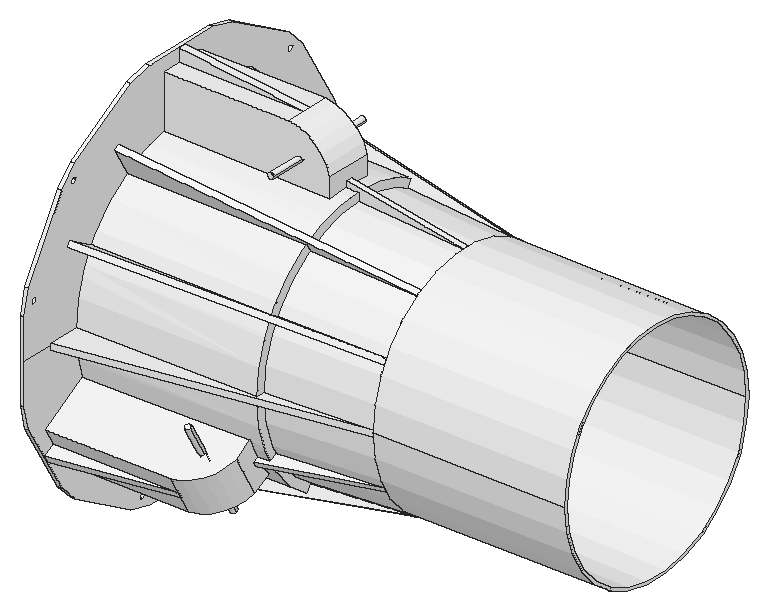
Revit family "H100S-RR", category Pipe Accessories, Revit 2016
Family settings
  Part Type = Breaks Into
  Round Connector Dimension = Use Diameter
  Work Plane-Based = No
  Always vertical = No
  Cut with Voids When Loaded = No
  Shared = No
Parameters
  URL = "http://www.snapcollars.com"
  Model = "H100S-RR"
  Manufacturer = "Snap Fire Systems"
  Description = "The H100S-RR is a high-top, cast-in fire collar for concrete slabs 150mm and thicker."
  Cut Depth Offset [instance] = Cut Depth + 1 mm  # 1 mm
  Cut Depth [instance] = 0 mm
Reference planes
  plane 1 "Center (Front/Back)": y = 0
  plane 2: z = 0
  plane 3 "Center (Left/Right)": x = 21
  plane 4: x = -230
  plane 5: x = -80
  plane 6: y = 90.593
  plane 7: y = -50
  plane 8: y = 100.593
  plane 9: y = -60
  plane 10: x = -99.679
  plane 11: x = -79.975
Forms (mm)
  Revolve 1, solid, material "PVC-White", detail levels medium+fine
    sketch origin (0, 0, 0) x (1, 0, 0) y (0, 1, 0)
      loop
        line (-227.967, -69.144) -> (-134.479, -68.001) -> (-134.479, -63.623) -> (-79.996, -60.419) -> (21, -59.891) -> (21, -58.577) -> (-141.666, -55.896) -> (-141.666, -63.997) -> (-230, -65.169) -> (-230, -105) -> (-227.967, -105) -> (-227.967, -69.144)
      axis (-230, 0) -> (21, 0)
    angle from 0 to 360
  Extrusion 2, void
    sketch origin (-227.967, 0, 0) x (0, 1, 0) y (0, 0, -1)
      loop
        line (-27.564, -102.871) -> (27.564, -102.871) -> (75.307, -75.307) -> (102.871, -27.564) -> (102.871, 27.564) -> (75.307, 75.307) -> (27.564, 102.871) -> (-27.564, 102.871) -> (-75.307, 75.307) -> (-102.871, 27.564) -> (-102.871, -27.564) -> (-75.307, -75.307) -> (-27.564, -102.871)
      loop
        circle (0, 0) r 118.785
    from 0 to 2.033
  Extrusion 3, void
    sketch origin (-227.967, 0, 0) x (0, 1, 0) y (0, 0, -1)
      loop
        circle (-70.697, -70.697) r 1.577
      loop
        circle (-96.574, -25.877) r 1.577
      loop
        circle (96.571, -25.888) r 1.577
      loop
        circle (70.689, -70.705) r 1.577
      loop
        circle (-25.877, 96.574) r 1.577
      loop
        circle (25.877, 96.574) r 1.577
    from 0 to 2.033
  Extrusion 4, solid, material "PVC-White", detail levels fine
    sketch origin (0, 0, 0) x (1, 0, 0) y (0, 0, 1)
      loop
        line (-80, 60.418) -> (-227.967, 86.048) -> (-227.967, 69.12) -> (-80, 60.418)
    from -1.5 to 1.5
  Extrusion 5, solid, material "PVC-White", detail levels fine
    sketch origin (0, 0, 0) x (1, 0, 0) y (0, -0.5, 0.866025)
      loop
        line (-80, 60.418) -> (-227.967, 86.048) -> (-227.967, 69.12) -> (-80, 60.418)
    from -1.5 to 1.5
  Extrusion 6, solid, material "PVC-White", detail levels fine
    sketch origin (0, 0, 0) x (1, 0, 0) y (0, -0.866025, 0.5)
      loop
        line (-80, 60.418) -> (-227.967, 86.048) -> (-227.967, 69.12) -> (-80, 60.418)
    from -1.5 to 1.5
  Extrusion 7, solid, material "PVC-White", detail levels fine
    sketch origin (0, 0, 0) x (0, -1, 0) y (-1, 0, 0)
      loop
        line (60.418, 80) -> (86.048, 227.967) -> (69.12, 227.967) -> (60.418, 80)
    from -1.5 to 1.5
  Extrusion 8, solid, material "PVC-White", detail levels fine
    sketch origin (0, 0, 0) x (1, 0, 0) y (0, -0.866025, -0.5)
      loop
        line (-80, 60.418) -> (-227.967, 86.048) -> (-227.967, 69.12) -> (-80, 60.418)
    from -1.5 to 1.5
  Extrusion 9, solid, material "PVC-White", detail levels fine
    sketch origin (0, 0, 0) x (1, 0, 0) y (0, -0.5, -0.866025)
      loop
        line (-80, 60.418) -> (-227.967, 86.048) -> (-227.967, 69.12) -> (-80, 60.418)
    from -1.5 to 1.5
  Extrusion 10, solid, material "PVC-White", detail levels fine
    sketch origin (0, 0, 0) x (1, 0, 0) y (0, 0, -1)
      loop
        line (-80, 60.418) -> (-227.967, 86.048) -> (-227.967, 69.12) -> (-80, 60.418)
    from -1.5 to 1.5
  Extrusion 11, solid, material "PVC-White", detail levels fine
    sketch origin (0, 0, 0) x (1, 0, 0) y (0, 0.5, -0.866025)
      loop
        line (-80, 60.418) -> (-227.967, 86.048) -> (-227.967, 69.12) -> (-80, 60.418)
    from -1.5 to 1.5
  Extrusion 12, solid, material "PVC-White", detail levels fine
    sketch origin (0, 0, 0) x (1, 0, 0) y (0, 0.866025, -0.5)
      loop
        line (-80, 60.418) -> (-227.967, 86.048) -> (-227.967, 69.12) -> (-80, 60.418)
    from -1.5 to 1.5
  Extrusion 13, solid, material "PVC-White", detail levels fine
    sketch origin (0, 0, 0) x (1, 0, 0) y (0, 1, 0)
      loop
        line (-80, 60.418) -> (-227.967, 86.048) -> (-227.967, 69.12) -> (-80, 60.418)
    from -1.5 to 1.5
  Extrusion 14, solid, material "PVC-White", detail levels fine
    sketch origin (0, 0, 0) x (1, 0, 0) y (0, 0.866025, 0.5)
      loop
        line (-80, 60.418) -> (-227.967, 86.048) -> (-227.967, 69.12) -> (-80, 60.418)
    from -1.5 to 1.5
  Extrusion 15, solid, material "PVC-White", detail levels fine
    sketch origin (0, 0, 0) x (1, 0, 0) y (0, 0.5, 0.866025)
      loop
        line (-80, 60.418) -> (-227.967, 86.048) -> (-227.967, 69.12) -> (-80, 60.418)
    from -1.5 to 1.5
  Extrusion 16, solid, material "PVC-White", detail levels medium+fine
    sketch origin (0, 0, 0) x (1, 0, 0) y (0, 0, 1)
      loop
        line (-227.967, 58.439) -> (-140.967, 58.439) -> (-140.967, 77.244)
        arc (-140.967, 77.244) -> (-148.679, 90.01) -> (-162.316, 96.048) r 24.811
        line (-162.316, 96.048) -> (-227.967, 96.048) -> (-227.967, 58.439)
    from -12 to 12
  Extrusion 17, solid, material "PVC-White", detail levels medium+fine
    sketch origin (0, 0, 0) x (1, 0, 0) y (0, -0.866025, -0.5)
      loop
        line (-227.967, 58.439) -> (-140.967, 58.439) -> (-140.967, 77.244)
        arc (-140.967, 77.244) -> (-148.679, 90.01) -> (-162.316, 96.048) r 24.811
        line (-162.316, 96.048) -> (-227.967, 96.048) -> (-227.967, 58.439)
    from -12 to 12
  Extrusion 18, solid, material "PVC-White", detail levels medium+fine
    sketch origin (0, 0, 0) x (1, 0, 0) y (0, 0.866025, -0.5)
      loop
        line (-227.967, 58.439) -> (-140.967, 58.439) -> (-140.967, 77.244)
        arc (-140.967, 77.244) -> (-148.679, 90.01) -> (-162.316, 96.048) r 24.811
        line (-162.316, 96.048) -> (-227.967, 96.048) -> (-227.967, 58.439)
    from -12 to 12
  Extrusion 19, solid, material "PVC-White", detail levels fine
    sketch origin (0, 0, 0) x (1, 0, 0) y (0, 0, 1)
      loop
        line (-227.967, 102.871) -> (-227.967, 96.048) -> (-162.316, 96.048) -> (-227.967, 102.871)
    from -2 to 2
  Extrusion 20, solid, material "PVC-White", detail levels fine
    sketch origin (0, 0, 0) x (1, 0, 0) y (0, 0.866025, -0.5)
      loop
        line (-227.967, 102.871) -> (-227.967, 96.048) -> (-162.316, 96.048) -> (-227.967, 102.871)
    from -2 to 2
  Extrusion 21, solid, material "PVC-White", detail levels fine
    sketch origin (0, 0, 0) x (1, 0, 0) y (0, -0.866025, -0.5)
      loop
        line (-227.967, 102.871) -> (-227.967, 96.048) -> (-162.316, 96.048) -> (-227.967, 102.871)
    from -2 to 2
  Extrusion 22, solid, material "PVC-White", not visible, detail levels fine
    sketch origin (0, 0, 0) x (1, 0, 0) y (0, 0, 1)
      loop
        line (-80, 60.418) -> (-227.967, 86.048) -> (-227.967, 69.12) -> (-80, 60.418)
    from -1.5 to 1.5
  Extrusion 23, solid, material "PVC-White", not visible, detail levels fine
    sketch origin (0, 0, 0) x (1, 0, 0) y (0, -0.5, 0.866025)
      loop
        line (-80, 60.418) -> (-227.967, 86.048) -> (-227.967, 69.12) -> (-80, 60.418)
    from -1.5 to 1.5
  Extrusion 24, solid, material "PVC-White", not visible, detail levels fine
    sketch origin (0, 0, 0) x (1, 0, 0) y (0, -0.866025, 0.5)
      loop
        line (-80, 60.418) -> (-227.967, 86.048) -> (-227.967, 69.12) -> (-80, 60.418)
    from -1.5 to 1.5
  Extrusion 25, solid, material "PVC-White", not visible, detail levels fine
    sketch origin (0, 0, 0) x (0, -1, 0) y (-1, 0, 0)
      loop
        line (60.418, 80) -> (86.048, 227.967) -> (69.12, 227.967) -> (60.418, 80)
    from -1.5 to 1.5
  Extrusion 26, solid, material "PVC-White", not visible, detail levels fine
    sketch origin (0, 0, 0) x (1, 0, 0) y (0, -0.866025, -0.5)
      loop
        line (-80, 60.418) -> (-227.967, 86.048) -> (-227.967, 69.12) -> (-80, 60.418)
    from -1.5 to 1.5
  Extrusion 27, solid, material "PVC-White", not visible, detail levels fine
    sketch origin (0, 0, 0) x (1, 0, 0) y (0, -0.5, -0.866025)
      loop
        line (-80, 60.418) -> (-227.967, 86.048) -> (-227.967, 69.12) -> (-80, 60.418)
    from -1.5 to 1.5
  Extrusion 28, solid, material "PVC-White", not visible, detail levels fine
    sketch origin (0, 0, 0) x (1, 0, 0) y (0, 0, -1)
      loop
        line (-80, 60.418) -> (-227.967, 86.048) -> (-227.967, 69.12) -> (-80, 60.418)
    from -1.5 to 1.5
  Extrusion 29, solid, material "PVC-White", not visible, detail levels fine
    sketch origin (0, 0, 0) x (1, 0, 0) y (0, 0.5, -0.866025)
      loop
        line (-80, 60.418) -> (-227.967, 86.048) -> (-227.967, 69.12) -> (-80, 60.418)
    from -1.5 to 1.5
  Extrusion 30, solid, material "PVC-White", not visible, detail levels fine
    sketch origin (0, 0, 0) x (1, 0, 0) y (0, 0.866025, -0.5)
      loop
        line (-80, 60.418) -> (-227.967, 86.048) -> (-227.967, 69.12) -> (-80, 60.418)
    from -1.5 to 1.5
  Extrusion 31, solid, material "PVC-White", not visible, detail levels fine
    sketch origin (0, 0, 0) x (1, 0, 0) y (0, 1, 0)
      loop
        line (-80, 60.418) -> (-227.967, 86.048) -> (-227.967, 69.12) -> (-80, 60.418)
    from -1.5 to 1.5
  Extrusion 32, solid, material "PVC-White", not visible, detail levels fine
    sketch origin (0, 0, 0) x (1, 0, 0) y (0, 0.866025, 0.5)
      loop
        line (-80, 60.418) -> (-227.967, 86.048) -> (-227.967, 69.12) -> (-80, 60.418)
    from -1.5 to 1.5
  Extrusion 33, solid, material "PVC-White", not visible, detail levels fine
    sketch origin (0, 0, 0) x (1, 0, 0) y (0, 0.5, 0.866025)
      loop
        line (-80, 60.418) -> (-227.967, 86.048) -> (-227.967, 69.12) -> (-80, 60.418)
    from -1.5 to 1.5
  Extrusion 34, solid, material "PVC-White", detail levels fine
    sketch origin (0, 0, 0) x (1, 0, 0) y (0, 0, 1)
      loop
        circle (-157.362, 79.878) r 1.5
    from -30 to 30
  Extrusion 35, solid, material "PVC-White", detail levels fine
    sketch origin (0, 0, 0) x (1, 0, 0) y (0, 0.866025, -0.5)
      loop
        circle (-157.362, 79.878) r 1.5
    from -30 to 30
  Extrusion 36, solid, material "PVC-White", detail levels fine
    sketch origin (0, 0, 0) x (1, 0, 0) y (0, -0.866025, -0.5)
      loop
        circle (-157.362, 79.878) r 1.5
    from -30 to 30
  Extrusion 37, void
    sketch origin (21, 0, 0) x (0, 1, 0) y (0, 0, -1)
      loop
        circle (0, 0) r 70
    from 0 to 1 <- "Cut Depth Offset"
Cuts and joins
  Extrusion 2, Extrusion 3, Extrusion 37 cuts Revolve 1
  joined: Revolve 1, Extrusion 16, Extrusion 17, Extrusion 18
Dimensions and locks
  plane 4 to plane 3 "Center (Left/Right)" = 251 mm
  Extrusion 4 sketch curve to Extrusion 4 sketch curve = 0 mm
  Extrusion 5 sketch curve to Extrusion 5 sketch curve = 0 mm
  Extrusion 6 sketch curve to Extrusion 6 sketch curve = 0 mm
  Extrusion 7 sketch curve to Extrusion 7 sketch curve = 0 mm
  Extrusion 8 sketch curve to Extrusion 8 sketch curve = 0 mm
  Extrusion 9 sketch curve to Extrusion 9 sketch curve = 0 mm
  Extrusion 10 sketch curve to Extrusion 10 sketch curve = 0 mm
  Extrusion 11 sketch curve to Extrusion 11 sketch curve = 0 mm
  Extrusion 12 sketch curve to Extrusion 12 sketch curve = 0 mm
  Extrusion 13 sketch curve to Extrusion 13 sketch curve = 0 mm
  Extrusion 14 sketch curve to Extrusion 14 sketch curve = 0 mm
  Extrusion 15 sketch curve to Extrusion 15 sketch curve = 0 mm
  Extrusion 22 sketch curve to Extrusion 22 sketch curve = 0 mm
  Extrusion 23 sketch curve to Extrusion 23 sketch curve = 0 mm
  Extrusion 24 sketch curve to Extrusion 24 sketch curve = 0 mm
  Extrusion 25 sketch curve to Extrusion 25 sketch curve = 0 mm
  Extrusion 26 sketch curve to Extrusion 26 sketch curve = 0 mm
  Extrusion 27 sketch curve to Extrusion 27 sketch curve = 0 mm
  Extrusion 28 sketch curve to Extrusion 28 sketch curve = 0 mm
  Extrusion 29 sketch curve to Extrusion 29 sketch curve = 0 mm
  Extrusion 30 sketch curve to Extrusion 30 sketch curve = 0 mm
  Extrusion 31 sketch curve to Extrusion 31 sketch curve = 0 mm
  Extrusion 32 sketch curve to Extrusion 32 sketch curve = 0 mm
  Extrusion 33 sketch curve to Extrusion 33 sketch curve = 0 mm
  aligned and locked: level to plane 2
  aligned and locked: plane 1 "Center (Front/Back)" to Revolve 1 sketch curve
  aligned and locked: plane 3 "Center (Left/Right)" to Extrusion 37
Connectors
  piping at (-99.679, 0, 0), diameter 100
    settings: on plane 10, index 4, connector inside diameter 609.6 mm, connector length 0 mm, flow factor 0, pipe flow 0.0 L/s, pressure drop 0.0 Pa, fitting loss kfactor 0, connector angle 0.00°, fixture units 0, engagement length 0 mm, angle of deflection 0.00°, flow configuration 0, flow direction 0, fitting loss method 0, system type 7, joint type 0, gender type 0, connector reference index -1, connector utility 0, adjustable connector no, is connector primary yes, connector description ""
  piping at (-80, 0, 0), diameter 100
    settings: on plane 5, index 5, connector inside diameter 609.6 mm, connector length 0 mm, flow factor 0, pipe flow 0.0 L/s, pressure drop 0.0 Pa, fitting loss kfactor 0, connector angle 0.00°, fixture units 0, engagement length 0 mm, angle of deflection 0.00°, flow configuration 0, flow direction 0, fitting loss method 0, system type 7, joint type 0, gender type 0, connector reference index -1, connector utility 0, adjustable connector no, is connector primary no, connector description ""
